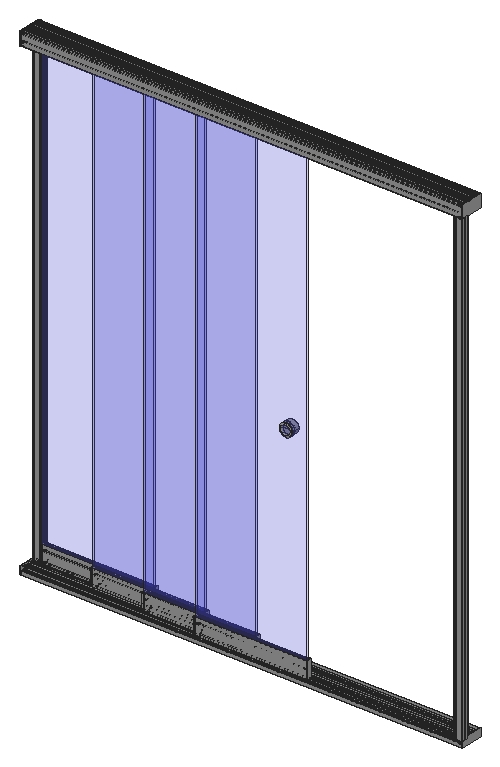
Revit family "SlideTec- 4 Panels)))", category Generic Models, Revit 2018 (continued)
Definition of nested family "Panel 1 & 2 "
  Forms (mm)
    Extrusion 1, solid, material <- "Framing"
      sketch origin (-125, 0, 0.663) x (0, 1, 0) y (0, 0, 1)
        loop
          line (9.35, 0.5) -> (9.35, 79.992) -> (6.3, 79.992) -> (6.3, 76.917) -> (6.6, 76.144) -> (6.6, 72.75) -> (6.3, 71.977) -> (6.3, 66.917) -> (6.6, 66.144) -> (6.6, 62.75) -> (6.3, 61.977) -> (6.3, 56.917) -> (6.6, 56.144) -> (6.6, 52.492) -> (2.5, 52.492) -> (2.5, 51.292) -> (-2.5, 51.292) -> (-2.5, 52.492) -> (-6.6, 52.492) -> (-6.6, 56.144) -> (-6.3, 56.917) -> (-6.3, 61.977) -> (-6.6, 62.75) -> (-6.6, 66.144) -> (-6.3, 66.917) -> (-6.3, 71.977) -> (-6.6, 72.75) -> (-6.6, 76.144) -> (-6.3, 76.917) -> (-6.3, 79.992) -> (-9.35, 79.992) -> (-9.35, 0.5)
          arc (-9.35, 0.5) -> (-9.204, 0.146) -> (-8.85, 0) r 0.5
          line (-8.85, 0) -> (-7.25, 0) -> (-7.25, 4.819) -> (-7.651, 5.547) -> (-7.751, 43.092) -> (7.75, 43.092) -> (7.75, 11.092) -> (7.75, 5.726) -> (7.35, 5) -> (7.244, 0) -> (8.85, 0)
      from -377.55 to 627.55
    Extrusion 2, solid, material <- "Glass"
      sketch origin (-125, 0, 0.163) x (0, 1, 0) y (0, 0, 1)
        loop
          line (5.979, 53.992) -> (5.979, 2000) -> (-6.021, 2000) -> (-6.021, 53.992) -> (-5.021, 52.992) -> (4.979, 52.992) -> (5.979, 53.992)
      from -377.55 to 627.55
  Dimensions and locks
    "Height": plane 6 to plane 2
    locked: plane 7 to plane 4 at 6
    locked: plane 5 to plane 8 at 6
    equal spacing: plane 4, plane 3 "Center (Left/Right)", plane 5
    "Width": plane 7 to plane 8
    "Handle": plane 9 to plane 2
    plane 7 to plane 10 = 100 mm
    aligned and locked: level to plane 2
    aligned and locked: Extrusion 2 to plane 4
    aligned and locked: Extrusion 2 to plane 5
    aligned and locked: nested 2 to plane 7
    aligned and locked: Extrusion 1 to plane 4
    aligned and locked: nested 1 to plane 8
    aligned and locked: Extrusion 1 to plane 5
    aligned and locked: plane 10 to nested 3
    aligned and locked: plane 9 to nested 3
  Automatic sketch dimensions
    plane 1 "Center (Front/Back)" to Extrusion 1 sketch curve = 9.35 mm
    Extrusion 1 sketch curve to Extrusion 1 sketch curve = 0.5 mm
    plane 1 "Center (Front/Back)" to Extrusion 1 sketch curve = 7.751 mm
    Extrusion 1 sketch curve to Extrusion 1 sketch curve = 1.199 mm
    Extrusion 1 sketch curve to Extrusion 1 sketch curve = 0.401 mm
    plane 1 "Center (Front/Back)" to Extrusion 1 sketch curve = 6.6 mm  (x2)
    Extrusion 1 sketch curve to Extrusion 1 sketch curve = 2.75 mm
    Extrusion 1 sketch curve to Extrusion 1 sketch curve = 0.3 mm  (x6)
    plane 1 "Center (Front/Back)" to Extrusion 1 sketch curve = 4.85 mm
    Extrusion 1 sketch curve to Extrusion 1 sketch curve = 1.442 mm  (x3)
    plane 1 "Center (Front/Back)" to Extrusion 1 sketch curve = 2.5 mm
    Extrusion 1 sketch curve to plane 1 "Center (Front/Back)" = 2.5 mm
    Extrusion 1 sketch curve to Extrusion 1 sketch curve = 0.908 mm
    Extrusion 1 sketch curve to Extrusion 1 sketch curve = 0 mm  (x2)
    Extrusion 1 sketch curve to plane 1 "Center (Front/Back)" = 6.3 mm  (x2)
    level to Extrusion 1 sketch curve = 0.663 mm  (x2)
    Extrusion 1 sketch curve to plane 1 "Center (Front/Back)" = 7.244 mm
    Extrusion 1 sketch curve to Extrusion 1 sketch curve = 0.106 mm
    Extrusion 1 sketch curve to Extrusion 1 sketch curve = 0.4 mm
    Extrusion 1 sketch curve to Extrusion 1 sketch curve = 1.606 mm
    Extrusion 1 sketch curve to Extrusion 1 sketch curve = 3.05 mm
    Extrusion 1 sketch curve to Extrusion 1 sketch curve = 4.319 mm
    Extrusion 1 sketch curve to Extrusion 1 sketch curve = 4.5 mm
    Extrusion 1 sketch curve to Extrusion 1 sketch curve = 0.728 mm
    Extrusion 1 sketch curve to Extrusion 1 sketch curve = 0.726 mm
    Extrusion 1 sketch curve to Extrusion 1 sketch curve = 5.367 mm
    Extrusion 1 sketch curve to Extrusion 1 sketch curve = 32 mm
    Extrusion 1 sketch curve to Extrusion 1 sketch curve = 2.862 mm  (x2)
    Extrusion 1 sketch curve to Extrusion 1 sketch curve = 1.238 mm
    Extrusion 1 sketch curve to Extrusion 1 sketch curve = 1.2 mm  (x2)
    Extrusion 1 sketch curve to Extrusion 1 sketch curve = 3.652 mm  (x2)
    Extrusion 1 sketch curve to Extrusion 1 sketch curve = 0.773 mm  (x10)
    Extrusion 1 sketch curve to Extrusion 1 sketch curve = 5.06 mm  (x4)
    Extrusion 1 sketch curve to Extrusion 1 sketch curve = 3.394 mm  (x2)
    Extrusion 1 sketch curve to Extrusion 1 sketch curve = 4.167 mm  (x2)
    Extrusion 1 sketch curve to Extrusion 1 sketch curve = 3.076 mm  (x2)
    plane 6 to Extrusion 2 sketch curve = 0.163 mm
    plane 1 "Center (Front/Back)" to Extrusion 2 sketch curve = 6.021 mm
    Extrusion 2 sketch curve to Extrusion 2 sketch curve = 1 mm  (x2)
    Extrusion 2 sketch curve to plane 1 "Center (Front/Back)" = 4.979 mm
    Extrusion 2 sketch curve to plane 1 "Center (Front/Back)" = 5.979 mm
    level to Extrusion 2 sketch curve = 54.155 mm
    Extrusion 2 sketch curve to Extrusion 2 sketch curve = 0 mm
  Nested families
    nested 1: "Slider Extrusion End Cap RH & LH" at (508.55, 0, 0) x (0, -1, 0) z (0, 0, 1), type "Slider Extrusion End Cap RH & LH"
    nested 2: "Slider Extrusion End Cap End" at (-508.55, 0, 0) x (0, 1, 0) z (0, 0, 1), type "Slider Extrusion End Cap End"
    nested 3: "Handle" at (-408.55, -6.021, 900), type "Handle"
  Definition of nested family "Slider Extrusion End Cap RH & LH"
    Parameters (values of type "Slider Extrusion End Cap RH & LH")
      Framing = none
    Reference planes
      plane 1 "Center (Front/Back)": y = 0
      plane 2: z = 0
      plane 3 "Center (Left/Right)": x = 0
    Forms (mm)
      Extrusion 1, solid, material <- "Framing"
        sketch origin (9.522, -6, 0) x (1, 0, 0) y (0, 1, 0)
          loop
            line (0, 0) -> (-0.051, -14.5) -> (3.708, -14.982) -> (2.849, 6) -> (-19.001, 6) -> (-19.001, 0) -> (0, 0)
        from 0 to 80.905
      Extrusion 2, solid, material <- "Framing"
        sketch origin (9.522, -6, 0) x (0, 1, 0) y (0, 0, 1)
          loop
            line (-31, 43.114) -> (-31, 30.955) -> (-14.14, 0) -> (0, 0) -> (0, 43.655) -> (-31, 43.114)
        from -2.78 to -15.892
      Extrusion 3, void
        sketch origin (12.371, 0, 0) x (-1, 0, 0) y (0, 0, 1)
          loop
            line (9.371, 0) -> (-2.356, 1.188) -> (-2.356, -1.415) -> (21.85, -1.415) -> (21.85, 0.659) -> (15.371, 0) -> (15.371, 8.755)
            arc (15.371, 8.755) -> (12.371, 11.755) -> (9.371, 8.755) r 3
            line (9.371, 8.755) -> (9.371, 0)
        from 0 to -28.971
      Extrusion 4, solid, material <- "Framing"
        sketch origin (6.742, -6, 0) x (0, 1, 0) y (0, 0, 1)
          loop
            line (0, 43.655) -> (-14.5, 43.402) -> (-14.5, -0.888) -> (0, -0.888) -> (0, 43.655)
        from 0 to 2.729
    Cuts and joins
      Extrusion 3 cuts Extrusion 1
      Extrusion 3 cuts Extrusion 2
      Extrusion 3 cuts Extrusion 4
    Dimensions and locks
      aligned and locked: level to plane 2
  Definition of nested family "Slider Extrusion End Cap End"
    Parameters (values of type "Slider Extrusion End Cap End")
      Framing = none
    Reference planes
      plane 1 "Center (Front/Back)": y = 0
      plane 2: z = 0
      plane 3 "Center (Left/Right)": x = 0
    Forms (mm)
      Extrusion 1, solid, material <- "Framing"
        sketch origin (9.522, -6, 0) x (1, 0, 0) y (0, 1, 0)
          loop
            line (-0.043, 6) -> (-19.001, 6) -> (-19.001, 0) -> (-0.043, 0) -> (-0.043, 6)
        from 0 to 80.905
      Extrusion 2, solid, material <- "Framing"
        sketch origin (9.522, -6, 0) x (0, 1, 0) y (0, 0, 1)
          loop
            line (-31, 43.114) -> (-31, 30.955) -> (-14.14, 0) -> (0, 0) -> (0, 43.655) -> (-31, 43.114)
        from -2.78 to -15.892
      Extrusion 3, void
        sketch origin (12.371, 0, 0) x (-1, 0, 0) y (0, 0, 1)
          loop
            line (9.371, 0) -> (-2.356, 1.188) -> (-2.356, -1.415) -> (21.85, -1.415) -> (21.85, 0.659) -> (15.371, 0) -> (15.371, 8.755)
            arc (15.371, 8.755) -> (12.371, 11.755) -> (9.371, 8.755) r 3
            line (9.371, 8.755) -> (9.371, 0)
        from 0 to -28.971
    Cuts and joins
      Extrusion 3 cuts Extrusion 1
      Extrusion 3 cuts Extrusion 2
    Dimensions and locks
      aligned and locked: level to plane 2
  Definition of nested family "Handle"
    Parameters (values of type "Handle")
      Handle = none
    Reference planes
      plane 1 "Center (Front/Back)": y = 0
      plane 2: z = 0
      plane 3 "Center (Left/Right)": x = 0
      plane 4: z = 0
    Forms (mm)
      Revolve 1, solid, material <- "Handle"
        sketch origin (0, 0, 0) x (1, 0, 0) y (0, 1, 0)
          loop
            line (-29, -21.25) -> (-22.5, -24.75) -> (-22.5, -4.268) -> (0, -4.268) -> (0, 4.573) -> (-22.5, 4.573) -> (-22.5, 15.75) -> (-29, 13.75) -> (-29, 12.75) -> (-27.181, 12.75) -> (-27.181, -0.75) -> (-29, -0.75) -> (-29, -21.25)
          axis (0, -24.75) -> (0, 15.75)
        angle from 0 to 360
    Dimensions and locks
      aligned and locked: level to plane 2
Definition of nested family "Panel 2"
  Parameters (values of type "Panel 2")
    Width = 767.125 mm
    Height [instance] = 2000 mm
    Glass = none
    Framing = none
  Reference planes
    plane 1 "Center (Front/Back)": y = 0
    plane 2: z = 0
    plane 3 "Center (Left/Right)": x = 0
    plane 4: x = -377.563
    plane 5: x = 377.563
    plane 6: z = 2000
    plane 7: x = -383.563
    plane 8: x = 383.563
  Forms (mm)
    Extrusion 1, solid, material <- "Framing"
      sketch origin (-125, 0, 0.663) x (0, 1, 0) y (0, 0, 1)
        loop
          line (-3.408, 45.955) -> (3.408, 45.955)
          arc (3.408, 45.955) -> (6.75, 47.192) -> (3.408, 48.43) r 1.9
          line (3.408, 48.43) -> (-3.408, 48.43)
          arc (-3.408, 48.43) -> (-6.75, 47.192) -> (-3.408, 45.955) r 1.9
        loop
          arc (8.85, 0) -> (9.204, 0.146) -> (9.35, 0.5) r 0.5
          line (9.35, 0.5) -> (9.35, 79.992) -> (6.3, 79.992) -> (6.3, 76.917) -> (6.6, 76.144) -> (6.6, 72.75) -> (6.3, 71.977) -> (6.3, 66.917) -> (6.6, 66.144) -> (6.6, 62.75) -> (6.3, 61.977) -> (6.3, 56.917) -> (6.6, 56.144) -> (6.6, 52.492) -> (2.5, 52.492) -> (2.5, 51.292) -> (-2.5, 51.292) -> (-2.5, 52.492) -> (-6.6, 52.492) -> (-6.6, 56.144) -> (-6.3, 56.917) -> (-6.3, 61.977) -> (-6.6, 62.75) -> (-6.6, 66.144) -> (-6.3, 66.917) -> (-6.3, 71.977) -> (-6.6, 72.75) -> (-6.6, 76.144) -> (-6.3, 76.917) -> (-6.3, 79.992) -> (-9.35, 79.992) -> (-9.35, 0.5)
          arc (-9.35, 0.5) -> (-9.204, 0.146) -> (-8.85, 0) r 0.5
          line (-8.85, 0) -> (-7.25, 0) -> (-7.25, 4.819) -> (-7.651, 5.547) -> (-7.751, 43.092) -> (7.75, 43.092) -> (7.75, 11.092) -> (7.75, 5.726) -> (7.35, 5) -> (7.244, 0) -> (8.85, 0)
      from -252.563 to 502.563
    Extrusion 2, solid, material <- "Glass"
      sketch origin (-125, 0, 0.163) x (0, 1, 0) y (0, 0, 1)
        loop
          line (5.979, 53.992) -> (5.979, 2000) -> (-6.021, 2000) -> (-6.021, 53.992) -> (-5.021, 52.992) -> (4.979, 52.992) -> (5.979, 53.992)
      from -252.563 to 502.563
  Dimensions and locks
    "Height": plane 6 to plane 2
    locked: plane 7 to plane 4 at 6
    locked: plane 5 to plane 8 at 6
    equal spacing: plane 4, plane 3 "Center (Left/Right)", plane 5
    "Width": plane 7 to plane 8
    aligned and locked: level to plane 2
    aligned and locked: Extrusion 2 to plane 4
    aligned and locked: Extrusion 2 to plane 5
    aligned and locked: nested 2 to plane 7
    aligned and locked: Extrusion 1 to plane 4
    aligned and locked: nested 1 to plane 8
    aligned and locked: Extrusion 1 to plane 5
  Automatic sketch dimensions
    plane 1 "Center (Front/Back)" to Extrusion 1 sketch curve = 9.35 mm
    Extrusion 1 sketch curve to Extrusion 1 sketch curve = 0.5 mm
    plane 1 "Center (Front/Back)" to Extrusion 1 sketch curve = 7.751 mm
    Extrusion 1 sketch curve to Extrusion 1 sketch curve = 1.199 mm
    Extrusion 1 sketch curve to Extrusion 1 sketch curve = 0.401 mm
    plane 1 "Center (Front/Back)" to Extrusion 1 sketch curve = 6.6 mm  (x2)
    Extrusion 1 sketch curve to Extrusion 1 sketch curve = 2.75 mm
    Extrusion 1 sketch curve to Extrusion 1 sketch curve = 0.3 mm  (x6)
    plane 1 "Center (Front/Back)" to Extrusion 1 sketch curve = 4.85 mm
    Extrusion 1 sketch curve to Extrusion 1 sketch curve = 1.442 mm  (x3)
    plane 1 "Center (Front/Back)" to Extrusion 1 sketch curve = 2.5 mm
    Extrusion 1 sketch curve to plane 1 "Center (Front/Back)" = 2.5 mm
    Extrusion 1 sketch curve to Extrusion 1 sketch curve = 0.908 mm
    Extrusion 1 sketch curve to Extrusion 1 sketch curve = 0 mm  (x2)
    Extrusion 1 sketch curve to plane 1 "Center (Front/Back)" = 6.3 mm  (x2)
    level to Extrusion 1 sketch curve = 0.663 mm  (x2)
    Extrusion 1 sketch curve to plane 1 "Center (Front/Back)" = 7.244 mm
    Extrusion 1 sketch curve to Extrusion 1 sketch curve = 0.106 mm
    Extrusion 1 sketch curve to Extrusion 1 sketch curve = 0.4 mm
    Extrusion 1 sketch curve to Extrusion 1 sketch curve = 1.606 mm
    Extrusion 1 sketch curve to Extrusion 1 sketch curve = 3.05 mm
    Extrusion 1 sketch curve to Extrusion 1 sketch curve = 4.319 mm
    Extrusion 1 sketch curve to Extrusion 1 sketch curve = 4.5 mm
    Extrusion 1 sketch curve to Extrusion 1 sketch curve = 0.728 mm
    Extrusion 1 sketch curve to Extrusion 1 sketch curve = 0.726 mm
    Extrusion 1 sketch curve to Extrusion 1 sketch curve = 5.367 mm
    Extrusion 1 sketch curve to Extrusion 1 sketch curve = 32 mm
    Extrusion 1 sketch curve to Extrusion 1 sketch curve = 2.862 mm  (x2)
    Extrusion 1 sketch curve to Extrusion 1 sketch curve = 1.238 mm
    Extrusion 1 sketch curve to Extrusion 1 sketch curve = 1.2 mm  (x2)
    Extrusion 1 sketch curve to Extrusion 1 sketch curve = 3.652 mm  (x2)
    Extrusion 1 sketch curve to Extrusion 1 sketch curve = 0.773 mm  (x10)
    Extrusion 1 sketch curve to Extrusion 1 sketch curve = 5.06 mm  (x4)
    Extrusion 1 sketch curve to Extrusion 1 sketch curve = 3.394 mm  (x2)
    Extrusion 1 sketch curve to Extrusion 1 sketch curve = 4.167 mm  (x2)
    Extrusion 1 sketch curve to Extrusion 1 sketch curve = 3.076 mm  (x2)
    plane 6 to Extrusion 2 sketch curve = 0.163 mm
    plane 1 "Center (Front/Back)" to Extrusion 2 sketch curve = 6.021 mm
    Extrusion 2 sketch curve to Extrusion 2 sketch curve = 1 mm  (x2)
    Extrusion 2 sketch curve to plane 1 "Center (Front/Back)" = 4.979 mm
    Extrusion 2 sketch curve to plane 1 "Center (Front/Back)" = 5.979 mm
    level to Extrusion 2 sketch curve = 54.155 mm
    Extrusion 2 sketch curve to Extrusion 2 sketch curve = 0 mm
  Nested families
    nested 1: "Slider Extrusion End Cap RH & LH" at (383.563, 0, 0) x (0, -1, 0) z (0, 0, 1), type "Slider Extrusion End Cap RH & LH"
    nested 2: "Slider Extrusion End Cap RH & LH" at (-383.563, 0, 0) x (0, 1, 0) z (0, 0, 1), type "Slider Extrusion End Cap RH & LH"
  Definition of nested family "Slider Extrusion End Cap RH & LH"
    Parameters (values of type "Slider Extrusion End Cap RH & LH")
      Framing = none
    Reference planes
      plane 1 "Center (Front/Back)": y = 0
      plane 2: z = 0
      plane 3 "Center (Left/Right)": x = 0
    Forms (mm)
      Extrusion 1, solid, material <- "Framing"
        sketch origin (9.522, -6, 0) x (1, 0, 0) y (0, 1, 0)
          loop
            line (0, 0) -> (-0.051, -14.5) -> (3.708, -14.982) -> (2.849, 6) -> (-19.001, 6) -> (-19.001, 0) -> (0, 0)
        from 0 to 80.905
      Extrusion 2, solid, material <- "Framing"
        sketch origin (9.522, -6, 0) x (0, 1, 0) y (0, 0, 1)
          loop
            line (-31, 43.114) -> (-31, 30.955) -> (-14.14, 0) -> (0, 0) -> (0, 43.655) -> (-31, 43.114)
        from -2.78 to -15.892
      Extrusion 3, void
        sketch origin (12.371, 0, 0) x (-1, 0, 0) y (0, 0, 1)
          loop
            line (9.371, 0) -> (-2.356, 1.188) -> (-2.356, -1.415) -> (21.85, -1.415) -> (21.85, 0.659) -> (15.371, 0) -> (15.371, 8.755)
            arc (15.371, 8.755) -> (12.371, 11.755) -> (9.371, 8.755) r 3
            line (9.371, 8.755) -> (9.371, 0)
        from 0 to -28.971
      Extrusion 4, solid, material <- "Framing"
        sketch origin (6.742, -6, 0) x (0, 1, 0) y (0, 0, 1)
          loop
            line (0, 43.655) -> (-14.5, 43.402) -> (-14.5, -0.888) -> (0, -0.888) -> (0, 43.655)
        from 0 to 2.729
    Cuts and joins
      Extrusion 3 cuts Extrusion 1
      Extrusion 3 cuts Extrusion 2
      Extrusion 3 cuts Extrusion 4
    Dimensions and locks
      aligned and locked: level to plane 2
